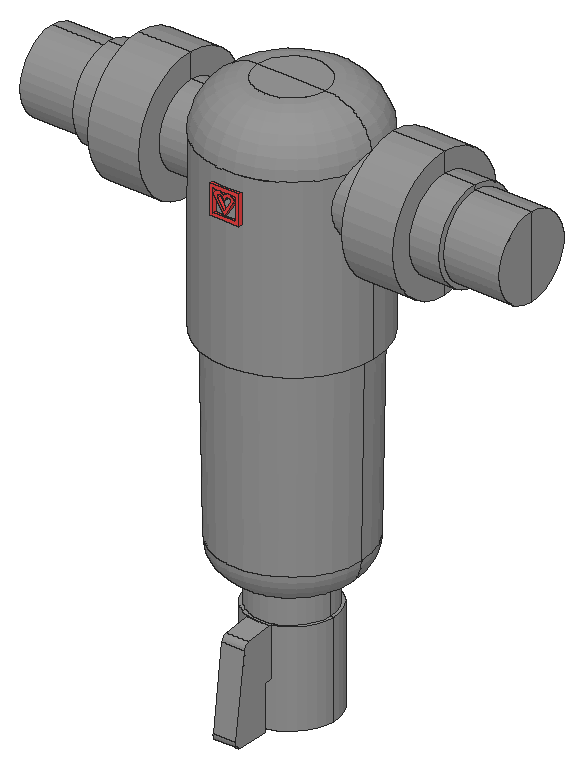
Revit family "HERZ Water Filter For Hot Water 0554", category Rohrzubehör, Revit 2018
Family settings
  Bemaßung runder Anschluss = Durchmesser verwenden
  Teiletyp = Unterbricht
  OmniClass-Nummer = 23.65.55.14
  OmniClass-Titel = Valves for Liquid Services
  Arbeitsebenenbasiert = Nein
  Immer vertikal = Ja
  Beim Laden mit Abzugskörper schneiden = Nein
  Gemeinsam genutzt = Nein
Parameters
  W02 = 88.00°  # constant formula
  W01 = 89.00°  # constant formula
  VRS01 = 10.000 mm  # constant formula
  SC_NennweiteBerechnet = 0
  SC_Dimension = ""
  SCTWSEQ = "FI;SBT_TYP_FI=\"FI\";2"
  SCTWCODE = "02;00;02"  # constant formula
  S01 [instance] = (L02 + VRL01 + VRL02) - (L01 / 2)  # 30.500 mm
  Model = "Filter for hot water with body made of brass and bowl of Trogamid."
  Medium = "Water"  # constant formula
  Max. operating temperature = 60 °C  # constant formula
  Max. operating pressure = 1600000.0 Pa  # constant formula
  Bowl = "plastic Trogamid"  # constant formula
  Note = "Pursuant to Article 33 of the REACH Regulation (EC No. 1907/2006), we are obliged to point out that the material lead is listed on the SVHC list and that all brass components manufactured in our products exceed 0.1% (w / w) lead (CAS: 7439-92-1 / EINECS: 231-100-4).\r\nSince lead is a component part of an alloy, actual exposure is not possible and therefore no additional information on safe use is necessary."
  GT [instance] = size_lookup("0554_", "GT", 1.000 mm, Nennweite)  # 17.500 mm
  VRL02 [instance] = size_lookup("0554_", "VRL2", 1.000 mm, Nennweite)  # 27.000 mm
  VRL01 [instance] = size_lookup("0554_", "VRL1", 1.000 mm, Nennweite)  # 16.000 mm
  VRD02 [instance] = size_lookup("0554_", "VRD2", 1.000 mm, Nennweite)  # 14.000 mm
  VRD01 [instance] = size_lookup("0554_", "VRD1", 1.000 mm, Nennweite)  # 20.000 mm
  URL = "www.herzvalves.com"
  T01 = 1.000 mm  # constant formula
  R02 = 8.000 mm  # constant formula
  R01 = 12.500 mm  # constant formula
  Nennweite [instance] = 25.000 mm
  Cartridge = "stainless steel, mesh size 100 μm"  # constant formula
  D02 = 22.750 mm  # constant formula
  L02 [instance] = size_lookup("0554_", "L2", 1.000 mm, Nennweite)  # 31.500 mm
  L01 [instance] = size_lookup("0554_", "L1", 1.000 mm, Nennweite)  # 88.000 mm
  Hersteller = "HERZ Armaturen Ges.m.b.H."  # constant formula
  H04 = 151.000 mm  # constant formula
  H03 = 67.500 mm  # constant formula
  H02 = 45.500 mm  # constant formula
  H01 = 24.000 mm  # constant formula
  Body = "brass, CW617N"  # constant formula
  Part number [instance] = if(Nennweite = 15.000 mm, "I055401", if(Nennweite = 20.000 mm, "I055402", if(Nennweite = 25.000 mm, "I055403", "0")))  # "I055403"
  Application = "The HERZ-Water filter is used in house entrance installations for potable water to protect the potable water against contamination.\r\nIn this way the proper functioning of the system is ensured.\r\nDue to its compact design, the filter can be installed wherever space is restricted."
  AG [instance] = Nennweite / 2  # 12.500 mm
  D01 = 25.500 mm  # constant formula
Reference planes
  plane 1 "Mitte (Vorne/hinten)": y = 0
  plane 2: z = 0
  plane 3 "Mitte (Links/rechts)": x = 0
Forms (mm)
  Revolve 1, solid, material "Messing, weicher Gelbton, geschweißt", detail levels fine
    sketch origin (0, 0, 0) x (1, 0, 0) y (0, 0, 1)
      loop
        line (-44, 0) -> (44, 0) -> (44, 12.5) -> (-44, 12.5) -> (-44, 0)
      axis (-44, 0) -> (44, 0)
    angle from 0 to 360
  Revolve 2, solid, material "Messing, weicher Gelbton, geschweißt", detail levels fine
    sketch origin (0, 0, 0) x (1, 0, 0) y (0, 0, 1)
      loop
        line (-31.5, 0) -> (-31.5, 20) -> (-47.5, 20) -> (-47.5, 14) -> (-57, 14) -> (-57, 12.5) -> (-74.5, 12.5) -> (-74.5, 0) -> (-31.5, 0)
      axis (-74.5, 0) -> (-31.5, 0)
    angle from 0 to 360
  Revolve 3, solid, material "Messing, weicher Gelbton, geschweißt", detail levels fine
    sketch origin (0, 0, 0) x (-1, 0, 0) y (0, 0, 1)
      loop
        line (-31.5, 0) -> (-31.5, 20) -> (-47.5, 20) -> (-47.5, 14) -> (-57, 14) -> (-57, 12.5) -> (-74.5, 12.5) -> (-74.5, 0) -> (-31.5, 0)
      axis (-74.5, 0) -> (-31.5, 0)
    angle from 0 to 360
  Revolve 4, solid, material "Messing, weicher Gelbton, geschweißt", detail levels fine
    sketch origin (0, 0, 0) x (1, 0, 0) y (0, 0, 1)
      loop
        line (0, -45.5) -> (0, 24) -> (-10.5, 24)
        arc (-10.5, 24) -> (-21.107, 19.607) -> (-25.5, 9) r 15
        line (-25.5, 9) -> (-25.5, -45.5) -> (0, -45.5)
      axis (0, 24) -> (0, -45.5)
    angle from 0 to 360
  Revolve 5, solid, material "ABS-Kunststoff", detail levels fine
    sketch origin (0, 0, 0) x (1, 0, 0) y (0, 0, 1)
      loop
        line (0, -45.5) -> (-22.75, -45.5) -> (-21.744, -103.156)
        arc (-21.744, -103.156) -> (-19.193, -109.695) -> (-13, -113) r 10.114
        line (-13, -113) -> (0, -113) -> (0, -45.5)
      axis (0, -45.5) -> (0, -113)
    angle from 0 to 360
  Revolve 6, solid, material "Aluminium 3003-H16", detail levels fine
    sketch origin (0, 0, 0) x (1, 0, 0) y (0, 0, 1)
      loop
        line (-13.007, -151) -> (0, -151) -> (0, -113) -> (-12.007, -113) -> (-12.007, -122) -> (-13.007, -122) -> (-13.007, -151)
      axis (0, -113) -> (0, -151)
    angle from 0 to 360
  Extrusion 7, solid, material "Acetalharz, Schwarz", detail levels fine
    sketch origin (0, 0, 0) x (0, 1, 0) y (0, 0, 1)
      loop
        line (-15.045, -151) -> (-15.045, -137.8)
        arc (-15.045, -137.8) -> (-14.81, -137.234) -> (-14.245, -137) r 0.8
        line (-14.245, -137) -> (0, -137) -> (0, -122) -> (-12.995, -122) -> (-20.95, -122.837)
        arc (-20.95, -122.837) -> (-22.128, -123.386) -> (-22.72, -124.543) r 2
        line (-22.72, -124.543) -> (-26.174, -148.717)
        arc (-26.174, -148.717) -> (-25.705, -150.31) -> (-24.194, -151) r 2
        line (-24.194, -151) -> (-15.045, -151)
    from 3.5 to -3.5
Lines and regions (mm)
  model lines, detail levels coarse+medium
    curve 1: line (-44, 0, 24) -> (-44, 0, -24)
    curve 2: line (-44, 0, -24) -> (44, 0, -24)
    curve 3: line (44, 0, -24) -> (44, 0, 24)
    curve 4: line (44, 0, 24) -> (-44, 0, 24)
    curve 5: line (44, 0, 24) -> (12.5, 0, 0)
    curve 6: line (12.5, 0, 0) -> (44, 0, -24)
    curve 7: line (44, 0, 24) -> (54, 0, 24)
    curve 8: line (54, 0, 24) -> (44, 0, 0)
    curve 9: line (44, 0, -24) -> (54, 0, -24)
    curve 10: line (54, 0, -24) -> (44, 0, 0)
    curve 11: line (44, 0, 0) -> (74.5, 0, 0)
    curve 12: line (-44, 0, 24) -> (-54, 0, 24)
    curve 13: line (-54, 0, 24) -> (-44, 0, 0)
    curve 14: line (-44, 0, -24) -> (-54, 0, -24)
    curve 15: line (-54, 0, -24) -> (-44, 0, 0)
    curve 16: line (-44, 0, 0) -> (-74.5, 0, 0)
    curve 17: line (-44, -24, 0) -> (44, -24, 0)
    curve 18: line (-44, 24, 0) -> (-44, -24, 0)
    curve 19: line (44, 24, 0) -> (-44, 24, 0)
    curve 20: line (44, -24, 0) -> (44, 24, 0)
    curve 21: line (44, 24, 0) -> (8.232, 0, 0)
    curve 22: line (8.232, 0, 0) -> (44, -24, 0)
    curve 23: line (44, 24, 0) -> (54, 24, 0)
    curve 24: line (54, 24, 0) -> (44, 0, 0)
    curve 25: line (44, -24, 0) -> (54, -24, 0)
    curve 26: line (54, -24, 0) -> (44, 0, 0)
    curve 27: line (-44, 24, 0) -> (-54, 24, 0)
    curve 28: line (-54, 24, 0) -> (-44, 0, 0)
    curve 29: line (-44, -24, 0) -> (-54, -24, 0)
    curve 30: line (-54, -24, 0) -> (-44, 0, 0)
Dimensions and locks
  "L01": Revolve 1 sketch curve to Revolve 1 sketch curve
  equal spacing: Revolve 1 sketch curve, plane 3 "Mitte (Links/rechts)", Revolve 1 sketch curve
  "R01": Revolve 1 sketch curve to plane 2
  "L02": plane 3 "Mitte (Links/rechts)" to Revolve 2 sketch curve
  "VRL01": Revolve 2 sketch curve to Revolve 2 sketch curve
  "VRL02": Revolve 2 sketch curve to Revolve 2 sketch curve
  "GT": Revolve 2 sketch curve to Revolve 2 sketch curve
  "VRD01": Revolve 2 sketch curve to Revolve 2 sketch curve
  "VRD02": Revolve 2 sketch curve to Revolve 2 sketch curve
  "AG": Revolve 2 sketch curve to Revolve 2 sketch curve
  "VRL01": Revolve 3 sketch curve to Revolve 3 sketch curve
  "VRL02": Revolve 3 sketch curve to Revolve 3 sketch curve
  "GT": Revolve 3 sketch curve to Revolve 3 sketch curve
  "VRD01": Revolve 3 sketch curve to Revolve 3 sketch curve
  "VRD02": Revolve 3 sketch curve to Revolve 3 sketch curve
  "AG": Revolve 3 sketch curve to Revolve 3 sketch curve
  "L02": Revolve 3 sketch curve to plane 3 "Mitte (Links/rechts)"
  "H01": Revolve 4 sketch curve to plane 2
  "D01": Revolve 4 sketch curve to Revolve 4 sketch curve
  "H02": plane 2 to Revolve 4 sketch curve
  "D02": Revolve 5 sketch curve to Revolve 5 sketch curve
  "H02": plane 2 to Revolve 5 sketch curve
  "H03": Revolve 5 sketch curve to Revolve 5 sketch curve
  "H04": plane 2 to Revolve 6 sketch curve
  "D01": nested 1 to plane 1 "Mitte (Vorne/hinten)"
  equal spacing: curve 1, plane 3 "Mitte (Links/rechts)", curve 3
  "H01": curve 4 to level to curve 2
  "L01": curve 1 to curve 3
  "L02": curve 3 to curve 6
  "VRS01": curve 8 to curve 3
  "VRS01": curve 10 to curve 3
  "S01": curve 11 to curve 3
  "VRS01": curve 13 to curve 1
  "VRS01": curve 15 to curve 1
  "S01": curve 16 to Revolve 1
  "L01": curve 18 to curve 20
  equal spacing: curve 18, plane 3 "Mitte (Links/rechts)", curve 20
  "H01": curve 19 to plane 1 "Mitte (Vorne/hinten)" to curve 17
  "VRS01": curve 20 to curve 24
  "VRS01": curve 20 to curve 26
  "VRS01": curve 28 to curve 18
  "VRS01": curve 30 to curve 18
  "W01": angle Revolve 5 sketch curve to Revolve 4
  aligned and locked: level to plane 2
Automatic sketch dimensions
  Extrusion 7 sketch curve to plane 1 "Mitte (Vorne/hinten)" = 0.000 mm
  plane 1 "Mitte (Vorne/hinten)" to Extrusion 7 sketch curve = 12.995 mm
  plane 1 "Mitte (Vorne/hinten)" to Extrusion 7 sketch curve = 14.245 mm
  Extrusion 7 sketch curve to Extrusion 7 sketch curve = 0.800 mm
  Extrusion 7 sketch curve to Extrusion 7 sketch curve = 7.746 mm
  Extrusion 7 sketch curve to Extrusion 7 sketch curve = 0.209 mm
  Extrusion 7 sketch curve to Extrusion 7 sketch curve = 1.980 mm  (x2)
  Extrusion 7 sketch curve to Extrusion 7 sketch curve = 9.149 mm
  Extrusion 7 sketch curve to level = 151.000 mm
  Extrusion 7 sketch curve to Extrusion 7 sketch curve = 2.000 mm
  Extrusion 7 sketch curve to Extrusion 7 sketch curve = 13.200 mm
  Extrusion 7 sketch curve to Extrusion 7 sketch curve = 12.174 mm
  Extrusion 7 sketch curve to Extrusion 7 sketch curve = 0.283 mm
  Extrusion 7 sketch curve to Extrusion 7 sketch curve = 15.000 mm
  curve 15 to level = 0.000 mm
  curve 11 to level = 0.000 mm
  curve 8 to level = 0.000 mm
  curve 5 to level = 0.000 mm
  plane 1 "Mitte (Vorne/hinten)" to curve 22 = 0.000 mm
  plane 1 "Mitte (Vorne/hinten)" to curve 28 = 0.000 mm
  plane 1 "Mitte (Vorne/hinten)" to curve 24 = 0.000 mm
  plane 1 "Mitte (Vorne/hinten)" to curve 26 = 0.000 mm
  plane 3 "Mitte (Links/rechts)" to curve 22 = 8.232 mm
  Revolve 1 sketch curve to level = 0.000 mm  (x2)
  Revolve 1 sketch curve to Revolve 1 sketch curve = 1474.830 mm
  Revolve 1 sketch curve to Revolve 1 sketch curve = 1807.448 mm
  Revolve 2 sketch curve to level = 0.000 mm  (x2)
  Revolve 2 sketch curve to Revolve 2 sketch curve = 1440.530 mm
  plane 3 "Mitte (Links/rechts)" to Revolve 2 sketch curve = 1839.148 mm
  Revolve 3 sketch curve to level = 0.000 mm  (x2)
  Revolve 3 sketch curve to Revolve 3 sketch curve = 1440.530 mm
  plane 3 "Mitte (Links/rechts)" to Revolve 3 sketch curve = 1839.148 mm
  Revolve 4 sketch curve to plane 3 "Mitte (Links/rechts)" = 0.000 mm  (x2)
  level to Revolve 4 sketch curve = 9.000 mm
  Revolve 4 sketch curve to Revolve 4 sketch curve = 320.545 mm
  Revolve 4 sketch curve to Revolve 4 sketch curve = 2190.315 mm
  Revolve 5 sketch curve to plane 3 "Mitte (Links/rechts)" = 0.000 mm  (x2)
  Revolve 5 sketch curve to plane 3 "Mitte (Links/rechts)" = 21.744 mm
  Revolve 5 sketch curve to Revolve 5 sketch curve = 13.000 mm
  Revolve 5 sketch curve to Revolve 5 sketch curve = 10.112 mm
  Revolve 5 sketch curve to Revolve 5 sketch curve = 255.045 mm
  level to Revolve 5 sketch curve = 2214.315 mm
  Revolve 6 sketch curve to plane 3 "Mitte (Links/rechts)" = 0.000 mm  (x2)
  Revolve 6 sketch curve to plane 3 "Mitte (Links/rechts)" = 12.007 mm
  Revolve 6 sketch curve to plane 3 "Mitte (Links/rechts)" = 13.007 mm
  Revolve 6 sketch curve to Revolve 6 sketch curve = 29.000 mm
  Revolve 6 sketch curve to Revolve 6 sketch curve = 9.000 mm
  Revolve 6 sketch curve to Revolve 6 sketch curve = 192.045 mm
  level to Revolve 6 sketch curve = 2214.315 mm
Nested families
  nested 1: "Herz-Logo-vorne" at (0, -25.5, 0) x (0, 1, 0) z (0, 0, 1), type "Herz-Logo-vorne", detail levels fine
Connectors
  piping at (-74.5, 0, 0), diameter 25, driven by "Nennweite"
    settings: on Revolve 2, index 1, connector inside diameter 609.6 mm, connector length 0.000 mm, flow factor 0, pipe flow 0.0 L/s, pressure drop 0.0 Pa, fitting loss kfactor 0, connector angle 0.00°, fixture units 0, engagement length 0.000 mm, angle of deflection 0.00°, flow configuration 0, flow direction 1, fitting loss method 0, system type 19, joint type 0, gender type 0, connector reference index -1, connector utility 0, adjustable connector no, is connector primary yes, connector description ""
  piping at (74.5, 0, 0), diameter 25, driven by "Nennweite"
    settings: on Revolve 3, index 2, connector inside diameter 609.6 mm, connector length 0.000 mm, flow factor 0, pipe flow 0.0 L/s, pressure drop 0.0 Pa, fitting loss kfactor 0, connector angle 0.00°, fixture units 0, engagement length 0.000 mm, angle of deflection 0.00°, flow configuration 0, flow direction 2, fitting loss method 0, system type 19, joint type 0, gender type 0, connector reference index -1, connector utility 0, adjustable connector no, is connector primary no, connector description ""
Definition of nested family "Herz-Logo-vorne"
  Reference planes
    plane 1 "Mitte (Vorne/hinten)": y = 0
    plane 2: z = 0
    plane 3 "Mitte (Links/rechts)": x = 0
  Forms (mm)
    Extrusion 1, solid
      sketch origin (0.732, -0.018, 0.017) x (0, -1, 0) y (0, 0, 1)
        loop
          line (-0.018, -4.517) -> (4.482, -4.517) -> (4.482, 4.483) -> (-4.518, 4.483) -> (-4.518, -4.517) -> (-0.018, -4.517)
        loop
          line (-0.05, -3.48) -> (3.482, -3.48) -> (3.482, 3.483) -> (-3.518, 3.483) -> (-3.518, -3.48) -> (-0.05, -3.48)
        loop
          arc (-0.018, 2.383) -> (-1.543, 3.287) -> (-3.067, 2.383) r 1.738
          arc (-3.067, 2.383) -> (-3.191, 1.899) -> (-3.067, 1.415) r 1.009
          line (-3.067, 1.415) -> (-0.018, -3.281) -> (3.032, 1.415)
          arc (3.032, 1.415) -> (3.156, 1.899) -> (3.032, 2.383) r 1.009
          arc (3.032, 2.383) -> (1.507, 3.287) -> (-0.018, 2.383) r 1.738
        loop
          arc (1.885, 1.272) -> (2.005, 1.675) -> (1.885, 2.079) r 0.74
          arc (1.885, 2.079) -> (1.265, 2.416) -> (0.644, 2.079) r 0.74
          line (0.644, 2.079) -> (-0.018, 0.97) -> (-0.679, 2.079)
          arc (-0.679, 2.079) -> (-1.3, 2.416) -> (-1.921, 2.079) r 0.74
          arc (-1.921, 2.079) -> (-2.04, 1.675) -> (-1.921, 1.272) r 0.74
          line (-1.921, 1.272) -> (-0.018, -1.658) -> (1.885, 1.272)
      from 0 to 1.5
  Dimensions and locks
    aligned and locked: level to plane 2
